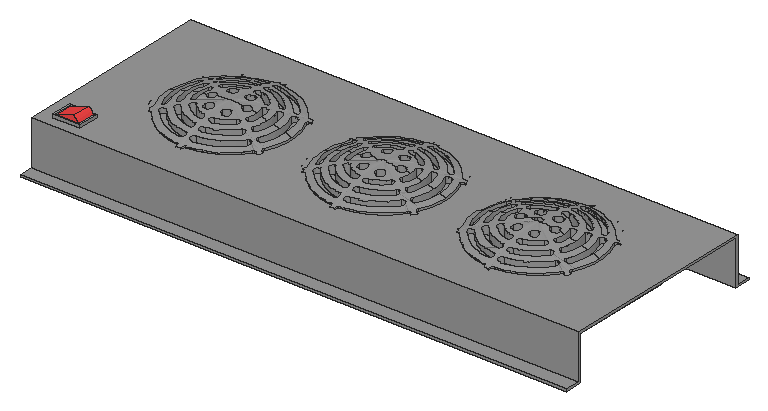
Revit family "ITK Вентиляторная панель с выключателем_31М", category Электрооборудование, Revit 2016
Family settings
  Тип детали = Другая панель
  Размер круглого соединителя = Использовать диаметр
  На основе рабочей плоскости = Нет
  Всегда вертикально = Да
  При загрузке вырезать с полостями = Нет
  Общий = Нет
  Точка расчета площади = Нет
Parameters (values of type "FM05-31M")
  Ширина = 470 mm
  Степень защиты = "IP20"
  Совместимость = "Linea N, W"
  Описание = "Панели вентиляторные ITK серии ПВ предназначены для установки и использования в настенных шкафах серии LINEA W и сетевых шкафах LINEA N для организации принудительного охлаждения и вентиляции установленного в них активного (серверы, дисковые массивы, коммутаторы, ИБП и др.) оборудования и вывода из шкафа горячего воздуха.\r\n\r\nПанели серии ПВ комплектуются выключателем со светоиндикацией, имеют два или три вентиляторных модуля и в зависимости от модели могут оснащаться биметаллическим термостатом (тип NO).\r\nДиапазон регулировки температуры термостата: от 0 до 60°С.\r\nНоминальное рабочее напряжение: 230В. Частота тока: 50Гц.\r\nМинимальный срок службы: 50 тыс. часов.\r\nПодача рабочего напряжения на вентиляторную панель осуществляется через встроенный разъем питания С14 10А/250В.\r\n\r\nВнимание! Кабель электропитания для подключения к сети в комплект поставки не входит.\r\n\r\nВентиляторные панели устанавливаются в крыше шкафа на специально предусмотренное посадочное место и не занимают полезной высоты 19-дюймовых монтажных профилей.\r\nМаксимальное количество устанавливаемых в шкаф вентиляторных панелей в зависимости от его серии и габаритов:\r\nLINEA W 600x450 мм - 1 шт.\r\nLINEA W 600x600 мм - 2 шт.\r\nLINEA N 600x600 мм - 2 шт.\r\nLINEA N 600x800 мм - 3 шт.\r\nLINEA N 600x1000 мм - 4 шт.\r\nСовместимы со всеми 19-доймовыми шкафами и стойками ITK.\r\nОбладают современным привлекательным дизайном и продуманной конструкцией.\r\nУдобны в монтаже и эксплуатации.\r\nСоответствие международным стандартам ISO9001, IEC 297, ISO/IEC 11801. \r\nСертифицированы по ГОСТ Р.\r\nВсе аксессуары идут с крепежом.\r\nВозможно исполнение в двух цветах: серый (RAL7035) и черный (RAL9005).\r\nВсегда в наличии на складе.\r\nГарантия на все аксессуары до 2-х лет."  # constant formula
  Материал = Окраска - RAL 9005
  Type Comments = ""
  Изготовитель = "ITK"  # constant formula
  Глубина = 171 mm
  Высота = 52 mm
  URL = "http://www.itk-group.ru/produktsiya/catalog/?page=detail&article=FM05-21M"
  ADSK_Ток = ADSK_Номинальная мощность / (ADSK_Коэффициент мощности * ADSK_Напряжение * sqrt(ADSK_Количество фаз числовое))  # 0.00454545 A
  ADSK_Примечание = ""
  ADSK_Полная мощность = ADSK_Номинальная мощность / ADSK_Коэффициент мощности  # 1 VA
  ADSK_Позиция [instance] = ""
  ADSK_Номинальная мощность = 1 W
  ADSK_Напряжение = 220 V
  ADSK_Наименование краткое = "FM05-31M"
  ADSK_Наименование = "ITK Вентиляторная панель с выключателем, 3 модуля, черная"
  ADSK_Масса = 0
  ADSK_Марка = "FM05-31M"
  ADSK_Коэффициент мощности = 1
  ADSK_Количество фаз числовое = 1
  ADSK_Количество фаз = 1
  ADSK_Код изделия = ""
  ADSK_Классификация нагрузок = Прочее
  ADSK_Завод-изготовитель = "IEK"  # constant formula
  ADSK_Единица измерения = "шт"  # constant formula
  ADSK_Группирование = ""
Types (2, lengths in mm): name | Материал | ADSK_Наименование краткое | ADSK_Наименование | ADSK_Марка
  FM05-31M | Окраска - RAL 9005 | "FM05-31M" | "ITK Вентиляторная панель с выключателем, 3 модуля, черная" | "FM05-31M"
  FM35-31M | Окраска - RAL 7035 | "FM35-31M" | "ITK Вентиляторная панель с выключателем, 3 модуля, серая" | "FM35-31M"
Reference planes
  plane 1 "По центру (Вперед/Назад)": y = 0
  plane 2: z = 0
  plane 3 "По центру (Влево/Вправо)": x = 0
  plane 4 "Ширина(начало)": x = -235
  plane 5: x = 235
  plane 6: z = 52
  plane 7 "Выключатель": y = -67.326
Forms (mm)
  Extrusion 1, void
    sketch origin (0, 54, 0) x (1, 0, 0) y (0, 1, 0)
      loop
        arc (-80.768, -79.079) -> (-75.25, -54.5) -> (-80.768, -29.921) r 57.5
        arc (-80.768, -29.921) -> (-84.097, -28.729) -> (-85.288, -32.058) r 2.5
        arc (-85.288, -32.058) -> (-80.25, -54.5) -> (-85.288, -76.942) r 52.5
        arc (-85.288, -76.942) -> (-84.097, -80.271) -> (-80.768, -79.079) r 2.5
      loop
        arc (-128.045, -111.807) -> (-104, -104.296) -> (-85.473, -87.228) r 57.5
        arc (-85.473, -87.228) -> (-86.105, -83.749) -> (-89.584, -84.382) r 2.5
        arc (-89.584, -84.382) -> (-106.5, -99.966) -> (-128.455, -106.824) r 52.5
        arc (-128.455, -106.824) -> (-130.742, -109.52) -> (-128.045, -111.807) r 2.5
      loop
        arc (-180.027, -87.228) -> (-161.5, -104.296) -> (-137.455, -111.807) r 57.5
        arc (-137.455, -111.807) -> (-134.758, -109.52) -> (-137.045, -106.824) r 2.5
        arc (-137.045, -106.824) -> (-159, -99.966) -> (-175.916, -84.382) r 52.5
        arc (-175.916, -84.382) -> (-179.395, -83.749) -> (-180.027, -87.228) r 2.5
      loop
        arc (-184.732, -29.921) -> (-190.25, -54.5) -> (-184.732, -79.079) r 57.5
        arc (-184.732, -79.079) -> (-181.403, -80.271) -> (-180.212, -76.942) r 2.5
        arc (-180.212, -76.942) -> (-185.25, -54.5) -> (-180.212, -32.058) r 52.5
        arc (-180.212, -32.058) -> (-181.403, -28.729) -> (-184.732, -29.921) r 2.5
      loop
        arc (-137.455, 2.807) -> (-161.5, -4.704) -> (-180.027, -21.772) r 57.5
        arc (-180.027, -21.772) -> (-179.395, -25.251) -> (-175.916, -24.618) r 2.5
        arc (-175.916, -24.618) -> (-159, -9.034) -> (-137.045, -2.176) r 52.5
        arc (-137.045, -2.176) -> (-134.758, 0.52) -> (-137.455, 2.807) r 2.5
      loop
        arc (-89.584, -24.618) -> (-86.105, -25.251) -> (-85.473, -21.772) r 2.5
        arc (-85.473, -21.772) -> (-104, -4.704) -> (-128.045, 2.807) r 57.5
        arc (-128.045, 2.807) -> (-130.742, 0.52) -> (-128.455, -2.176) r 2.5
        arc (-128.455, -2.176) -> (-106.5, -9.034) -> (-89.584, -24.618) r 52.5
      loop
        arc (-106.927, -34.766) -> (-103.423, -35.235) -> (-102.954, -31.73) r 2.5
        arc (-102.954, -31.73) -> (-114, -22.024) -> (-127.929, -17.311) r 37.5
        arc (-127.929, -17.311) -> (-130.729, -19.469) -> (-128.571, -22.27) r 2.5
        arc (-128.571, -22.27) -> (-116.5, -26.354) -> (-106.927, -34.766) r 32.5
      loop
        arc (-136.929, -22.27) -> (-134.771, -19.469) -> (-137.571, -17.311) r 2.5
        arc (-137.571, -17.311) -> (-151.5, -22.024) -> (-162.546, -31.73) r 37.5
        arc (-162.546, -31.73) -> (-162.077, -35.235) -> (-158.573, -34.766) r 2.5
        arc (-158.573, -34.766) -> (-149, -26.354) -> (-136.929, -22.27) r 32.5
      loop
        arc (-162.752, -42.004) -> (-164.098, -38.735) -> (-167.367, -40.081) r 2.5
        arc (-167.367, -40.081) -> (-170.25, -54.5) -> (-167.367, -68.919) r 37.5
        arc (-167.367, -68.919) -> (-164.098, -70.265) -> (-162.752, -66.996) r 2.5
        arc (-162.752, -66.996) -> (-165.25, -54.5) -> (-162.752, -42.004) r 32.5
      loop
        arc (-158.573, -74.234) -> (-162.077, -73.765) -> (-162.546, -77.27) r 2.5
        arc (-162.546, -77.27) -> (-151.5, -86.976) -> (-137.571, -91.689) r 37.5
        arc (-137.571, -91.689) -> (-134.771, -89.531) -> (-136.929, -86.73) r 2.5
        arc (-136.929, -86.73) -> (-149, -82.646) -> (-158.573, -74.234) r 32.5
      loop
        arc (-128.7, -76.632) -> (-130.709, -79.542) -> (-127.8, -81.551) r 2.5
        arc (-127.8, -81.551) -> (-119, -78.316) -> (-111.798, -72.312) r 27.5
        arc (-111.798, -72.312) -> (-112.084, -68.788) -> (-115.608, -69.074) r 2.5
        arc (-115.608, -69.074) -> (-121.5, -73.986) -> (-128.7, -76.632) r 22.5
      loop
        arc (-111.558, -62.059) -> (-110.043, -65.253) -> (-106.848, -63.739) r 2.5
        arc (-106.848, -63.739) -> (-105.25, -54.5) -> (-106.848, -45.261) r 27.5
        arc (-106.848, -45.261) -> (-110.043, -43.747) -> (-111.558, -46.941) r 2.5
        arc (-111.558, -46.941) -> (-110.25, -54.5) -> (-111.558, -62.059) r 22.5
      loop
        arc (-102.748, -66.996) -> (-101.402, -70.265) -> (-98.133, -68.919) r 2.5
        arc (-98.133, -68.919) -> (-95.25, -54.5) -> (-98.133, -40.081) r 37.5
        arc (-98.133, -40.081) -> (-101.402, -38.735) -> (-102.748, -42.004) r 2.5
        arc (-102.748, -42.004) -> (-100.25, -54.5) -> (-102.748, -66.996) r 32.5
      loop
        arc (-94.003, -71.963) -> (-92.751, -75.269) -> (-89.445, -74.017) r 2.5
        arc (-89.445, -74.017) -> (-85.25, -54.5) -> (-89.445, -34.983) r 47.5
        arc (-89.445, -34.983) -> (-92.751, -33.731) -> (-94.003, -37.037) r 2.5
        arc (-94.003, -37.037) -> (-90.25, -54.5) -> (-94.003, -71.963) r 42.5
      loop
        arc (-98.253, -29.676) -> (-94.764, -30.245) -> (-94.195, -26.755) r 2.5
        arc (-94.195, -26.755) -> (-109, -13.364) -> (-128, -7.238) r 47.5
        arc (-128, -7.238) -> (-130.737, -9.476) -> (-128.5, -12.213) r 2.5
        arc (-128.5, -12.213) -> (-111.5, -17.694) -> (-98.253, -29.676) r 42.5
      loop
        arc (-137, -12.213) -> (-134.763, -9.476) -> (-137.5, -7.238) r 2.5
        arc (-137.5, -7.238) -> (-156.5, -13.364) -> (-171.305, -26.755) r 47.5
        arc (-171.305, -26.755) -> (-170.736, -30.245) -> (-167.247, -29.676) r 2.5
        arc (-167.247, -29.676) -> (-154, -17.694) -> (-137, -12.213) r 42.5
      loop
        arc (-171.497, -37.037) -> (-172.749, -33.731) -> (-176.055, -34.983) r 2.5
        arc (-176.055, -34.983) -> (-180.25, -54.5) -> (-176.055, -74.017) r 47.5
        arc (-176.055, -74.017) -> (-172.749, -75.269) -> (-171.497, -71.963) r 2.5
        arc (-171.497, -71.963) -> (-175.25, -54.5) -> (-171.497, -37.037) r 42.5
      loop
        arc (-167.247, -79.324) -> (-170.736, -78.755) -> (-171.305, -82.245) r 2.5
        arc (-171.305, -82.245) -> (-156.5, -95.636) -> (-137.5, -101.762) r 47.5
        arc (-137.5, -101.762) -> (-134.763, -99.524) -> (-137, -96.787) r 2.5
        arc (-137, -96.787) -> (-154, -91.306) -> (-167.247, -79.324) r 42.5
      loop
        arc (-128, -101.762) -> (-109, -95.636) -> (-94.195, -82.245) r 47.5
        arc (-94.195, -82.245) -> (-94.764, -78.755) -> (-98.253, -79.324) r 2.5
        arc (-98.253, -79.324) -> (-111.5, -91.306) -> (-128.5, -96.787) r 42.5
        arc (-128.5, -96.787) -> (-130.737, -99.524) -> (-128, -101.762) r 2.5
      loop
        arc (-127.929, -91.689) -> (-114, -86.976) -> (-102.954, -77.27) r 37.5
        arc (-102.954, -77.27) -> (-103.423, -73.765) -> (-106.927, -74.234) r 2.5
        arc (-106.927, -74.234) -> (-116.5, -82.646) -> (-128.571, -86.73) r 32.5
        arc (-128.571, -86.73) -> (-130.729, -89.531) -> (-127.929, -91.689) r 2.5
      loop
        circle (-140.25, -67.49) r 4
      loop
        circle (-125.25, -67.49) r 4
      loop
        circle (-117.75, -54.5) r 4
      loop
        circle (-125.25, -41.51) r 4
      loop
        arc (-136.8, -32.368) -> (-134.791, -29.458) -> (-137.7, -27.449) r 2.5
        arc (-137.7, -27.449) -> (-146.5, -30.684) -> (-153.702, -36.688) r 27.5
        arc (-153.702, -36.688) -> (-153.416, -40.212) -> (-149.892, -39.926) r 2.5
        arc (-149.892, -39.926) -> (-144, -35.014) -> (-136.8, -32.368) r 22.5
      loop
        arc (-149.892, -69.074) -> (-153.416, -68.788) -> (-153.702, -72.312) r 2.5
        arc (-153.702, -72.312) -> (-146.5, -78.316) -> (-137.7, -81.551) r 27.5
        arc (-137.7, -81.551) -> (-134.791, -79.542) -> (-136.8, -76.632) r 2.5
        arc (-136.8, -76.632) -> (-144, -73.986) -> (-149.892, -69.074) r 22.5
      loop
        arc (-115.608, -39.926) -> (-112.084, -40.212) -> (-111.798, -36.688) r 2.5
        arc (-111.798, -36.688) -> (-119, -30.684) -> (-127.8, -27.449) r 27.5
        arc (-127.8, -27.449) -> (-130.709, -29.458) -> (-128.7, -32.368) r 2.5
        arc (-128.7, -32.368) -> (-121.5, -35.014) -> (-115.608, -39.926) r 22.5
      loop
        circle (-140.25, -41.51) r 4
      loop
        arc (-153.942, -46.941) -> (-155.457, -43.747) -> (-158.652, -45.261) r 2.5
        arc (-158.652, -45.261) -> (-160.25, -54.5) -> (-158.652, -63.739) r 27.5
        arc (-158.652, -63.739) -> (-155.457, -65.253) -> (-153.942, -62.059) r 2.5
        arc (-153.942, -62.059) -> (-155.25, -54.5) -> (-153.942, -46.941) r 22.5
      loop
        circle (-147.75, -54.5) r 4
      loop
        arc (84.848, -87.228) -> (103.375, -104.296) -> (127.42, -111.807) r 57.5
        arc (127.42, -111.807) -> (130.117, -109.52) -> (127.83, -106.824) r 2.5
        arc (127.83, -106.824) -> (105.875, -99.966) -> (88.959, -84.382) r 52.5
        arc (88.959, -84.382) -> (85.48, -83.749) -> (84.848, -87.228) r 2.5
      loop
        arc (136.83, -111.807) -> (160.875, -104.296) -> (179.402, -87.228) r 57.5
        arc (179.402, -87.228) -> (178.77, -83.749) -> (175.291, -84.382) r 2.5
        arc (175.291, -84.382) -> (158.375, -99.966) -> (136.42, -106.824) r 52.5
        arc (136.42, -106.824) -> (134.133, -109.52) -> (136.83, -111.807) r 2.5
      loop
        arc (184.107, -79.079) -> (189.625, -54.5) -> (184.107, -29.921) r 57.5
        arc (184.107, -29.921) -> (180.778, -28.729) -> (179.587, -32.058) r 2.5
        arc (179.587, -32.058) -> (184.625, -54.5) -> (179.587, -76.942) r 52.5
        arc (179.587, -76.942) -> (180.778, -80.271) -> (184.107, -79.079) r 2.5
      loop
        arc (179.402, -21.772) -> (160.875, -4.704) -> (136.83, 2.807) r 57.5
        arc (136.83, 2.807) -> (134.133, 0.52) -> (136.42, -2.176) r 2.5
        arc (136.42, -2.176) -> (158.375, -9.034) -> (175.291, -24.618) r 52.5
        arc (175.291, -24.618) -> (178.77, -25.251) -> (179.402, -21.772) r 2.5
      loop
        arc (127.42, 2.807) -> (103.375, -4.704) -> (84.848, -21.772) r 57.5
        arc (84.848, -21.772) -> (85.48, -25.251) -> (88.959, -24.618) r 2.5
        arc (88.959, -24.618) -> (105.875, -9.034) -> (127.83, -2.176) r 52.5
        arc (127.83, -2.176) -> (130.117, 0.52) -> (127.42, 2.807) r 2.5
      loop
        arc (80.143, -29.921) -> (74.625, -54.5) -> (80.143, -79.079) r 57.5
        arc (80.143, -79.079) -> (83.472, -80.271) -> (84.663, -76.942) r 2.5
        arc (84.663, -76.942) -> (79.625, -54.5) -> (84.663, -32.058) r 52.5
        arc (84.663, -32.058) -> (83.472, -28.729) -> (80.143, -29.921) r 2.5
      loop
        arc (93.378, -37.037) -> (92.126, -33.731) -> (88.82, -34.983) r 2.5
        arc (88.82, -34.983) -> (84.625, -54.5) -> (88.82, -74.017) r 47.5
        arc (88.82, -74.017) -> (92.126, -75.269) -> (93.378, -71.963) r 2.5
        arc (93.378, -71.963) -> (89.625, -54.5) -> (93.378, -37.037) r 42.5
      loop
        arc (102.123, -42.004) -> (100.777, -38.735) -> (97.508, -40.081) r 2.5
        arc (97.508, -40.081) -> (94.625, -54.5) -> (97.508, -68.919) r 37.5
        arc (97.508, -68.919) -> (100.777, -70.265) -> (102.123, -66.996) r 2.5
        arc (102.123, -66.996) -> (99.625, -54.5) -> (102.123, -42.004) r 32.5
      loop
        arc (110.933, -46.941) -> (109.418, -43.747) -> (106.223, -45.261) r 2.5
        arc (106.223, -45.261) -> (104.625, -54.5) -> (106.223, -63.739) r 27.5
        arc (106.223, -63.739) -> (109.418, -65.253) -> (110.933, -62.059) r 2.5
        arc (110.933, -62.059) -> (109.625, -54.5) -> (110.933, -46.941) r 22.5
      loop
        arc (114.983, -69.074) -> (111.459, -68.788) -> (111.173, -72.312) r 2.5
        arc (111.173, -72.312) -> (118.375, -78.316) -> (127.175, -81.551) r 27.5
        arc (127.175, -81.551) -> (130.084, -79.542) -> (128.075, -76.632) r 2.5
        arc (128.075, -76.632) -> (120.875, -73.986) -> (114.983, -69.074) r 22.5
      loop
        arc (106.302, -74.234) -> (102.798, -73.765) -> (102.329, -77.27) r 2.5
        arc (102.329, -77.27) -> (113.375, -86.976) -> (127.304, -91.689) r 37.5
        arc (127.304, -91.689) -> (130.104, -89.531) -> (127.946, -86.73) r 2.5
        arc (127.946, -86.73) -> (115.875, -82.646) -> (106.302, -74.234) r 32.5
      loop
        arc (97.628, -79.324) -> (94.139, -78.755) -> (93.57, -82.245) r 2.5
        arc (93.57, -82.245) -> (108.375, -95.636) -> (127.375, -101.762) r 47.5
        arc (127.375, -101.762) -> (130.112, -99.524) -> (127.875, -96.787) r 2.5
        arc (127.875, -96.787) -> (110.875, -91.306) -> (97.628, -79.324) r 42.5
      loop
        arc (136.875, -101.762) -> (155.875, -95.636) -> (170.68, -82.245) r 47.5
        arc (170.68, -82.245) -> (170.111, -78.755) -> (166.622, -79.324) r 2.5
        arc (166.622, -79.324) -> (153.375, -91.306) -> (136.375, -96.787) r 42.5
        arc (136.375, -96.787) -> (134.138, -99.524) -> (136.875, -101.762) r 2.5
      loop
        arc (136.946, -91.689) -> (150.875, -86.976) -> (161.921, -77.27) r 37.5
        arc (161.921, -77.27) -> (161.452, -73.765) -> (157.948, -74.234) r 2.5
        arc (157.948, -74.234) -> (148.375, -82.646) -> (136.304, -86.73) r 32.5
        arc (136.304, -86.73) -> (134.146, -89.531) -> (136.946, -91.689) r 2.5
      loop
        arc (137.075, -81.551) -> (145.875, -78.316) -> (153.077, -72.312) r 27.5
        arc (153.077, -72.312) -> (152.791, -68.788) -> (149.267, -69.074) r 2.5
        arc (149.267, -69.074) -> (143.375, -73.986) -> (136.175, -76.632) r 22.5
        arc (136.175, -76.632) -> (134.166, -79.542) -> (137.075, -81.551) r 2.5
      loop
        arc (128.075, -32.368) -> (130.084, -29.458) -> (127.175, -27.449) r 2.5
        arc (127.175, -27.449) -> (118.375, -30.684) -> (111.173, -36.688) r 27.5
        arc (111.173, -36.688) -> (111.459, -40.212) -> (114.983, -39.926) r 2.5
        arc (114.983, -39.926) -> (120.875, -35.014) -> (128.075, -32.368) r 22.5
      loop
        arc (127.946, -22.27) -> (130.104, -19.469) -> (127.304, -17.311) r 2.5
        arc (127.304, -17.311) -> (113.375, -22.024) -> (102.329, -31.73) r 37.5
        arc (102.329, -31.73) -> (102.798, -35.235) -> (106.302, -34.766) r 2.5
        arc (106.302, -34.766) -> (115.875, -26.354) -> (127.946, -22.27) r 32.5
      loop
        arc (127.875, -12.213) -> (130.112, -9.476) -> (127.375, -7.238) r 2.5
        arc (127.375, -7.238) -> (108.375, -13.364) -> (93.57, -26.755) r 47.5
        arc (93.57, -26.755) -> (94.139, -30.245) -> (97.628, -29.676) r 2.5
        arc (97.628, -29.676) -> (110.875, -17.694) -> (127.875, -12.213) r 42.5
      loop
        arc (166.622, -29.676) -> (170.111, -30.245) -> (170.68, -26.755) r 2.5
        arc (170.68, -26.755) -> (155.875, -13.364) -> (136.875, -7.238) r 47.5
        arc (136.875, -7.238) -> (134.138, -9.476) -> (136.375, -12.213) r 2.5
        arc (136.375, -12.213) -> (153.375, -17.694) -> (166.622, -29.676) r 42.5
      loop
        arc (157.948, -34.766) -> (161.452, -35.235) -> (161.921, -31.73) r 2.5
        arc (161.921, -31.73) -> (150.875, -22.024) -> (136.946, -17.311) r 37.5
        arc (136.946, -17.311) -> (134.146, -19.469) -> (136.304, -22.27) r 2.5
        arc (136.304, -22.27) -> (148.375, -26.354) -> (157.948, -34.766) r 32.5
      loop
        arc (149.267, -39.926) -> (152.791, -40.212) -> (153.077, -36.688) r 2.5
        arc (153.077, -36.688) -> (145.875, -30.684) -> (137.075, -27.449) r 27.5
        arc (137.075, -27.449) -> (134.166, -29.458) -> (136.175, -32.368) r 2.5
        arc (136.175, -32.368) -> (143.375, -35.014) -> (149.267, -39.926) r 22.5
      loop
        circle (117.125, -54.5) r 4
      loop
        circle (139.625, -67.49) r 4
      loop
        circle (147.125, -54.5) r 4
      loop
        circle (139.625, -41.51) r 4
      loop
        circle (124.625, -41.51) r 4
      loop
        circle (124.625, -67.49) r 4
      loop
        arc (153.317, -62.059) -> (154.832, -65.253) -> (158.027, -63.739) r 2.5
        arc (158.027, -63.739) -> (159.625, -54.5) -> (158.027, -45.261) r 27.5
        arc (158.027, -45.261) -> (154.832, -43.747) -> (153.317, -46.941) r 2.5
        arc (153.317, -46.941) -> (154.625, -54.5) -> (153.317, -62.059) r 22.5
      loop
        arc (166.742, -68.919) -> (169.625, -54.5) -> (166.742, -40.081) r 37.5
        arc (166.742, -40.081) -> (163.473, -38.735) -> (162.127, -42.004) r 2.5
        arc (162.127, -42.004) -> (164.625, -54.5) -> (162.127, -66.996) r 32.5
        arc (162.127, -66.996) -> (163.473, -70.265) -> (166.742, -68.919) r 2.5
      loop
        arc (175.43, -74.017) -> (179.625, -54.5) -> (175.43, -34.983) r 47.5
        arc (175.43, -34.983) -> (172.124, -33.731) -> (170.872, -37.037) r 2.5
        arc (170.872, -37.037) -> (174.625, -54.5) -> (170.872, -71.963) r 42.5
        arc (170.872, -71.963) -> (172.124, -75.269) -> (175.43, -74.017) r 2.5
    from 38.165 to 87.544
  Revolve 2, solid, material "Окраска - RAL 9005" <- "Материал", detail levels fine
    sketch origin (-2000, 0, 1199.062) x (-1, 0, 0) y (0, 0, 1)
      loop
        arc (-1867.476, -1146.728) -> (-1898.028, -1150.848) -> (-1927.292, -1160.544) r 166.079
        line (-1927.292, -1160.544) -> (-1867.476, -1160.544) -> (-1867.476, -1146.728)
      axis (-1867.476, -1160.544) -> (-1867.476, -1146.728)
    angle from 0 to 360
  Extrusion 3, solid, material "Окраска - RAL 9005" <- "Материал", detail levels fine
    sketch origin (0, 0, 0) x (1, 0, 0) y (0, 1, 0)
      loop
        line (-72.499, -38.81) -> (-72.499, 55.999)
        arc (-72.499, 55.999) -> (-73.672, 58.829) -> (-76.503, 60) r 4.001
        line (-76.503, 60) -> (-188.499, 60)
        arc (-188.499, 60) -> (-191.329, 58.826) -> (-192.499, 55.994) r 4
        line (-192.499, 55.994) -> (-192.499, -56.002)
        arc (-192.499, -56.002) -> (-191.329, -58.828) -> (-188.503, -60.001) r 3.999
        line (-188.503, -60.001) -> (-76.499, -60.001)
        arc (-76.499, -60.001) -> (-73.671, -58.83) -> (-72.499, -56.004) r 4
        line (-72.499, -56.004) -> (-72.499, -38.81)
      loop
        arc (188.486, -60) -> (191.315, -58.828) -> (192.486, -56) r 4
        line (192.486, -56) -> (192.486, 56.039)
        arc (192.486, 56.039) -> (191.321, 58.851) -> (188.509, 60.016) r 3.978
        line (188.509, 60.016) -> (76.474, 60.016)
        arc (76.474, 60.016) -> (73.662, 58.851) -> (72.497, 56.039) r 3.978
        line (72.497, 56.039) -> (72.497, -56)
        arc (72.497, -56) -> (73.668, -58.828) -> (76.497, -60) r 4
        line (76.497, -60) -> (188.486, -60)
    from 0 to 38.165
  Revolve 4, solid, material "Окраска - RAL 9005" <- "Материал", detail levels fine
    sketch origin (2000, 0, 1199.062) x (1, 0, 0) y (0, 0, 1)
      loop
        arc (-1867.476, -1147.112) -> (-1898.155, -1151.08) -> (-1927.567, -1160.662) r 166.279
        line (-1927.567, -1160.662) -> (-1867.476, -1160.662) -> (-1867.476, -1147.112)
      axis (-1867.476, -1160.662) -> (-1867.476, -1147.112)
    angle from 0 to 360
  Sweep 5, solid, material "Окраска - RAL 9005" <- "Материал", detail levels fine
    path origin (0, 0, 0) x (1, 0, 0) y (0, 1, 0)
      loop
        line (-235, -120.5) -> (235, -120.5)
    profile origin (0, -120.5, 0) x (0, 1, 0) y (0, 0, 1)
      loop
        line (217.608, 0) -> (217.608, 1.884) -> (206, 1.884) -> (206, 40.4) -> (34.953, 40.4) -> (34.953, 1.884) -> (22.608, 1.884) -> (22.608, 0) -> (36.953, 0) -> (36.953, 38.4) -> (204, 38.4) -> (204, 0) -> (217.608, 0)
  Extrusion 6, solid, material "Остекление(красный)", detail levels fine
    sketch origin (-3.102, 0, 0) x (1, 0, 0) y (0, 0, 1)
      loop
        line (-219.229, 40.4) -> (-199.229, 40.4)
        arc (-199.229, 40.4) -> (-200.746, 44.482) -> (-203.523, 47.837) r 13.032
        line (-203.523, 47.837) -> (-219.229, 43.035) -> (-219.229, 40.4)
    from 60.001 to 75.329
  Sweep 7, solid, material "Окраска - RAL 9005" <- "Материал", detail levels fine
    path origin (0, 0, 0) x (0, 1, 0) y (0, 0, 1)
      loop
        line (-75.329, 40.4) -> (-75.329, 43.035)
    profile origin (0, -75.329, 41.717) x (0, -1, 0) y (1, 0, 0)
      loop
        line (0, -222.331) -> (0, -202.331) -> (-15.328, -202.331) -> (-15.328, -222.331) -> (0, -222.331)
      loop
        line (-16.43, -223.965) -> (1.341, -223.965) -> (1.341, -200.657) -> (-16.43, -200.657) -> (-16.43, -223.965)
  Extrusion 8, solid, material "Окраска - RAL 9005" <- "Материал", detail levels fine
    sketch origin (130, 0, 0) x (1, 0, 0) y (0, 1, 0)
      loop
        line (-72.499, -38.81) -> (-72.499, 55.999)
        arc (-72.499, 55.999) -> (-73.672, 58.829) -> (-76.503, 60) r 4.001
        line (-76.503, 60) -> (-188.499, 60)
        arc (-188.499, 60) -> (-191.329, 58.826) -> (-192.499, 55.994) r 4
        line (-192.499, 55.994) -> (-192.499, -56.002)
        arc (-192.499, -56.002) -> (-191.329, -58.828) -> (-188.503, -60.001) r 3.999
        line (-188.503, -60.001) -> (-76.499, -60.001)
        arc (-76.499, -60.001) -> (-73.671, -58.83) -> (-72.499, -56.004) r 4
        line (-72.499, -56.004) -> (-72.499, -38.81)
    from 0 to 38.165
  Extrusion 9, void
    sketch origin (132.529, 54, 0) x (1, 0, 0) y (0, 1, 0)
      loop
        arc (-80.768, -79.079) -> (-75.25, -54.5) -> (-80.768, -29.921) r 57.5
        arc (-80.768, -29.921) -> (-84.097, -28.729) -> (-85.288, -32.058) r 2.5
        arc (-85.288, -32.058) -> (-80.25, -54.5) -> (-85.288, -76.942) r 52.5
        arc (-85.288, -76.942) -> (-84.097, -80.271) -> (-80.768, -79.079) r 2.5
      loop
        arc (-128.045, -111.807) -> (-104, -104.296) -> (-85.473, -87.228) r 57.5
        arc (-85.473, -87.228) -> (-86.105, -83.749) -> (-89.584, -84.382) r 2.5
        arc (-89.584, -84.382) -> (-106.5, -99.966) -> (-128.455, -106.824) r 52.5
        arc (-128.455, -106.824) -> (-130.742, -109.52) -> (-128.045, -111.807) r 2.5
      loop
        arc (-180.027, -87.228) -> (-161.5, -104.296) -> (-137.455, -111.807) r 57.5
        arc (-137.455, -111.807) -> (-134.758, -109.52) -> (-137.045, -106.824) r 2.5
        arc (-137.045, -106.824) -> (-159, -99.966) -> (-175.916, -84.382) r 52.5
        arc (-175.916, -84.382) -> (-179.395, -83.749) -> (-180.027, -87.228) r 2.5
      loop
        arc (-184.732, -29.921) -> (-190.25, -54.5) -> (-184.732, -79.079) r 57.5
        arc (-184.732, -79.079) -> (-181.403, -80.271) -> (-180.212, -76.942) r 2.5
        arc (-180.212, -76.942) -> (-185.25, -54.5) -> (-180.212, -32.058) r 52.5
        arc (-180.212, -32.058) -> (-181.403, -28.729) -> (-184.732, -29.921) r 2.5
      loop
        arc (-137.455, 2.807) -> (-161.5, -4.704) -> (-180.027, -21.772) r 57.5
        arc (-180.027, -21.772) -> (-179.395, -25.251) -> (-175.916, -24.618) r 2.5
        arc (-175.916, -24.618) -> (-159, -9.034) -> (-137.045, -2.176) r 52.5
        arc (-137.045, -2.176) -> (-134.758, 0.52) -> (-137.455, 2.807) r 2.5
      loop
        arc (-89.584, -24.618) -> (-86.105, -25.251) -> (-85.473, -21.772) r 2.5
        arc (-85.473, -21.772) -> (-104, -4.704) -> (-128.045, 2.807) r 57.5
        arc (-128.045, 2.807) -> (-130.742, 0.52) -> (-128.455, -2.176) r 2.5
        arc (-128.455, -2.176) -> (-106.5, -9.034) -> (-89.584, -24.618) r 52.5
      loop
        arc (-106.927, -34.766) -> (-103.423, -35.235) -> (-102.954, -31.73) r 2.5
        arc (-102.954, -31.73) -> (-114, -22.024) -> (-127.929, -17.311) r 37.5
        arc (-127.929, -17.311) -> (-130.729, -19.469) -> (-128.571, -22.27) r 2.5
        arc (-128.571, -22.27) -> (-116.5, -26.354) -> (-106.927, -34.766) r 32.5
      loop
        arc (-136.929, -22.27) -> (-134.771, -19.469) -> (-137.571, -17.311) r 2.5
        arc (-137.571, -17.311) -> (-151.5, -22.024) -> (-162.546, -31.73) r 37.5
        arc (-162.546, -31.73) -> (-162.077, -35.235) -> (-158.573, -34.766) r 2.5
        arc (-158.573, -34.766) -> (-149, -26.354) -> (-136.929, -22.27) r 32.5
      loop
        arc (-162.752, -42.004) -> (-164.098, -38.735) -> (-167.367, -40.081) r 2.5
        arc (-167.367, -40.081) -> (-170.25, -54.5) -> (-167.367, -68.919) r 37.5
        arc (-167.367, -68.919) -> (-164.098, -70.265) -> (-162.752, -66.996) r 2.5
        arc (-162.752, -66.996) -> (-165.25, -54.5) -> (-162.752, -42.004) r 32.5
      loop
        arc (-158.573, -74.234) -> (-162.077, -73.765) -> (-162.546, -77.27) r 2.5
        arc (-162.546, -77.27) -> (-151.5, -86.976) -> (-137.571, -91.689) r 37.5
        arc (-137.571, -91.689) -> (-134.771, -89.531) -> (-136.929, -86.73) r 2.5
        arc (-136.929, -86.73) -> (-149, -82.646) -> (-158.573, -74.234) r 32.5
      loop
        arc (-128.7, -76.632) -> (-130.709, -79.542) -> (-127.8, -81.551) r 2.5
        arc (-127.8, -81.551) -> (-119, -78.316) -> (-111.798, -72.312) r 27.5
        arc (-111.798, -72.312) -> (-112.084, -68.788) -> (-115.608, -69.074) r 2.5
        arc (-115.608, -69.074) -> (-121.5, -73.986) -> (-128.7, -76.632) r 22.5
      loop
        arc (-111.558, -62.059) -> (-110.043, -65.253) -> (-106.848, -63.739) r 2.5
        arc (-106.848, -63.739) -> (-105.25, -54.5) -> (-106.848, -45.261) r 27.5
        arc (-106.848, -45.261) -> (-110.043, -43.747) -> (-111.558, -46.941) r 2.5
        arc (-111.558, -46.941) -> (-110.25, -54.5) -> (-111.558, -62.059) r 22.5
      loop
        arc (-102.748, -66.996) -> (-101.402, -70.265) -> (-98.133, -68.919) r 2.5
        arc (-98.133, -68.919) -> (-95.25, -54.5) -> (-98.133, -40.081) r 37.5
        arc (-98.133, -40.081) -> (-101.402, -38.735) -> (-102.748, -42.004) r 2.5
        arc (-102.748, -42.004) -> (-100.25, -54.5) -> (-102.748, -66.996) r 32.5
      loop
        arc (-94.003, -71.963) -> (-92.751, -75.269) -> (-89.445, -74.017) r 2.5
        arc (-89.445, -74.017) -> (-85.25, -54.5) -> (-89.445, -34.983) r 47.5
        arc (-89.445, -34.983) -> (-92.751, -33.731) -> (-94.003, -37.037) r 2.5
        arc (-94.003, -37.037) -> (-90.25, -54.5) -> (-94.003, -71.963) r 42.5
      loop
        arc (-98.253, -29.676) -> (-94.764, -30.245) -> (-94.195, -26.755) r 2.5
        arc (-94.195, -26.755) -> (-109, -13.364) -> (-128, -7.238) r 47.5
        arc (-128, -7.238) -> (-130.737, -9.476) -> (-128.5, -12.213) r 2.5
        arc (-128.5, -12.213) -> (-111.5, -17.694) -> (-98.253, -29.676) r 42.5
      loop
        arc (-137, -12.213) -> (-134.763, -9.476) -> (-137.5, -7.238) r 2.5
        arc (-137.5, -7.238) -> (-156.5, -13.364) -> (-171.305, -26.755) r 47.5
        arc (-171.305, -26.755) -> (-170.736, -30.245) -> (-167.247, -29.676) r 2.5
        arc (-167.247, -29.676) -> (-154, -17.694) -> (-137, -12.213) r 42.5
      loop
        arc (-171.497, -37.037) -> (-172.749, -33.731) -> (-176.055, -34.983) r 2.5
        arc (-176.055, -34.983) -> (-180.25, -54.5) -> (-176.055, -74.017) r 47.5
        arc (-176.055, -74.017) -> (-172.749, -75.269) -> (-171.497, -71.963) r 2.5
        arc (-171.497, -71.963) -> (-175.25, -54.5) -> (-171.497, -37.037) r 42.5
      loop
        arc (-167.247, -79.324) -> (-170.736, -78.755) -> (-171.305, -82.245) r 2.5
        arc (-171.305, -82.245) -> (-156.5, -95.636) -> (-137.5, -101.762) r 47.5
        arc (-137.5, -101.762) -> (-134.763, -99.524) -> (-137, -96.787) r 2.5
        arc (-137, -96.787) -> (-154, -91.306) -> (-167.247, -79.324) r 42.5
      loop
        arc (-128, -101.762) -> (-109, -95.636) -> (-94.195, -82.245) r 47.5
        arc (-94.195, -82.245) -> (-94.764, -78.755) -> (-98.253, -79.324) r 2.5
        arc (-98.253, -79.324) -> (-111.5, -91.306) -> (-128.5, -96.787) r 42.5
        arc (-128.5, -96.787) -> (-130.737, -99.524) -> (-128, -101.762) r 2.5
      loop
        arc (-127.929, -91.689) -> (-114, -86.976) -> (-102.954, -77.27) r 37.5
        arc (-102.954, -77.27) -> (-103.423, -73.765) -> (-106.927, -74.234) r 2.5
        arc (-106.927, -74.234) -> (-116.5, -82.646) -> (-128.571, -86.73) r 32.5
        arc (-128.571, -86.73) -> (-130.729, -89.531) -> (-127.929, -91.689) r 2.5
      loop
        circle (-140.25, -67.49) r 4
      loop
        circle (-125.25, -67.49) r 4
      loop
        circle (-117.75, -54.5) r 4
      loop
        circle (-125.25, -41.51) r 4
      loop
        arc (-136.8, -32.368) -> (-134.791, -29.458) -> (-137.7, -27.449) r 2.5
        arc (-137.7, -27.449) -> (-146.5, -30.684) -> (-153.702, -36.688) r 27.5
        arc (-153.702, -36.688) -> (-153.416, -40.212) -> (-149.892, -39.926) r 2.5
        arc (-149.892, -39.926) -> (-144, -35.014) -> (-136.8, -32.368) r 22.5
      loop
        arc (-149.892, -69.074) -> (-153.416, -68.788) -> (-153.702, -72.312) r 2.5
        arc (-153.702, -72.312) -> (-146.5, -78.316) -> (-137.7, -81.551) r 27.5
        arc (-137.7, -81.551) -> (-134.791, -79.542) -> (-136.8, -76.632) r 2.5
        arc (-136.8, -76.632) -> (-144, -73.986) -> (-149.892, -69.074) r 22.5
      loop
        arc (-115.608, -39.926) -> (-112.084, -40.212) -> (-111.798, -36.688) r 2.5
        arc (-111.798, -36.688) -> (-119, -30.684) -> (-127.8, -27.449) r 27.5
        arc (-127.8, -27.449) -> (-130.709, -29.458) -> (-128.7, -32.368) r 2.5
        arc (-128.7, -32.368) -> (-121.5, -35.014) -> (-115.608, -39.926) r 22.5
      loop
        circle (-140.25, -41.51) r 4
      loop
        arc (-153.942, -46.941) -> (-155.457, -43.747) -> (-158.652, -45.261) r 2.5
        arc (-158.652, -45.261) -> (-160.25, -54.5) -> (-158.652, -63.739) r 27.5
        arc (-158.652, -63.739) -> (-155.457, -65.253) -> (-153.942, -62.059) r 2.5
        arc (-153.942, -62.059) -> (-155.25, -54.5) -> (-153.942, -46.941) r 22.5
      loop
        circle (-147.75, -54.5) r 4
    from 38.165 to 87.544
  Revolve 10, solid, material "Окраска - RAL 9005" <- "Материал", detail levels fine
    sketch origin (-1867.471, 0, 1199.062) x (-1, 0, 0) y (0, 0, 1)
      loop
        arc (-1867.476, -1146.728) -> (-1898.028, -1150.848) -> (-1927.292, -1160.544) r 166.079
        line (-1927.292, -1160.544) -> (-1867.476, -1160.544) -> (-1867.476, -1146.728)
      axis (-1867.476, -1160.544) -> (-1867.476, -1146.728)
    angle from 0 to 360
Cuts and joins
  Extrusion 1, Extrusion 9 cuts Revolve 2
  Extrusion 1, Extrusion 9 cuts Revolve 4
  joined: Revolve 2, Revolve 4
  Extrusion 9 cuts Extrusion 3
  Extrusion 9 cuts Revolve 10
Dimensions and locks
  equal spacing: plane 4 "Ширина(начало)", plane 3 "По центру (Влево/Вправо)", plane 5
  "Ширина": plane 4 "Ширина(начало)" to plane 5
  "Высота": plane 6 to level
  aligned and locked: level to plane 2
  aligned and locked: Sweep 7 sketch curve to Extrusion 6  (x4)
Automatic sketch dimensions
  Extrusion 1 sketch curve to Extrusion 1 sketch curve = 0 mm  (x4680)
  Extrusion 1 sketch curve to plane 1 "По центру (Вперед/Назад)" = 23.011 mm  (x2)
  plane 4 "Ширина(начало)" to Extrusion 1 sketch curve = 52.528 mm
  Extrusion 1 sketch curve to Extrusion 1 sketch curve = 4.5 mm  (x32)
  Extrusion 1 sketch curve to Extrusion 1 sketch curve = 8.696 mm  (x8)
  Extrusion 1 sketch curve to Extrusion 1 sketch curve = 8.716 mm  (x8)
  Extrusion 1 sketch curve to Extrusion 1 sketch curve = 8.762 mm  (x8)
  plane 1 "По центру (Вперед/Назад)" to Extrusion 1 sketch curve = 0.5 mm  (x6)
  Extrusion 1 sketch curve to Extrusion 1 sketch curve = 8.547 mm  (x2)
  Extrusion 1 sketch curve to Extrusion 1 sketch curve = 11.547 mm  (x8)
  Extrusion 1 sketch curve to Extrusion 1 sketch curve = 3 mm  (x8)
  Extrusion 1 sketch curve to Extrusion 1 sketch curve = 7.5 mm  (x4)
  Extrusion 1 sketch curve to Extrusion 1 sketch curve = 9 mm  (x16)
  plane 3 "По центру (Влево/Вправо)" to Extrusion 1 sketch curve = 82.403 mm
  plane 1 "По центру (Вперед/Назад)" to Extrusion 1 sketch curve = 8.899 mm  (x4)
  plane 1 "По центру (Вперед/Назад)" to Extrusion 1 sketch curve = 13.49 mm  (x4)
  Extrusion 1 sketch curve to Extrusion 1 sketch curve = 5.059 mm  (x8)
  Extrusion 1 sketch curve to Extrusion 1 sketch curve = 7.794 mm  (x32)
  Extrusion 1 sketch curve to Extrusion 1 sketch curve = 5.032 mm  (x6)
  Extrusion 1 sketch curve to Extrusion 1 sketch curve = 5.021 mm  (x8)
  Extrusion 1 sketch curve to Extrusion 1 sketch curve = 11.601 mm  (x4)
  Extrusion 1 sketch curve to Extrusion 1 sketch curve = 10.118 mm  (x4)
  Extrusion 1 sketch curve to Extrusion 1 sketch curve = 10.065 mm  (x4)
  Extrusion 1 sketch curve to Extrusion 1 sketch curve = 10.041 mm  (x4)
  Extrusion 1 sketch curve to plane 1 "По центру (Вперед/Назад)" = 7.899 mm  (x4)
  Extrusion 1 sketch curve to plane 1 "По центру (Вперед/Назад)" = 12.49 mm  (x4)
  Extrusion 1 sketch curve to Extrusion 1 sketch curve = 2.26 mm  (x8)
  Extrusion 1 sketch curve to Extrusion 1 sketch curve = 2.056 mm  (x4)
  Extrusion 1 sketch curve to Extrusion 1 sketch curve = 2.279 mm  (x5)
  Extrusion 1 sketch curve to Extrusion 1 sketch curve = 2.029 mm  (x4)
  Extrusion 1 sketch curve to Extrusion 1 sketch curve = 2.308 mm  (x4)
  Extrusion 1 sketch curve to Extrusion 1 sketch curve = 1.986 mm  (x4)
  Extrusion 1 sketch curve to Extrusion 1 sketch curve = 2.355 mm  (x5)
  Extrusion 1 sketch curve to Extrusion 1 sketch curve = 1.905 mm  (x4)
  Extrusion 1 sketch curve to Extrusion 1 sketch curve = 0.45 mm  (x4)
  Extrusion 1 sketch curve to Extrusion 1 sketch curve = 0.321 mm  (x4)
  Extrusion 1 sketch curve to Extrusion 1 sketch curve = 0.25 mm  (x4)
  Extrusion 1 sketch curve to Extrusion 1 sketch curve = 0.205 mm  (x4)
  plane 6 to Revolve 2 sketch curve = 13.481 mm
  plane 3 "По центру (Влево/Вправо)" to Revolve 2 sketch curve = 72.708 mm
  Revolve 2 sketch curve to Revolve 2 sketch curve = 59.817 mm
  Revolve 2 sketch curve to plane 4 "Ширина(начало)" = 95.652 mm
  level to Revolve 2 sketch curve = 113.604 mm
  Revolve 2 sketch curve to Revolve 2 sketch curve = 0 mm
  Revolve 2 sketch curve to Revolve 2 sketch curve = 0.944 mm
  plane 6 to Revolve 2 sketch curve = 1.237 mm
  plane 7 "Выключатель" to Extrusion 3 sketch curve = 11.323 mm
  plane 4 "Ширина(начало)" to Extrusion 3 sketch curve = 42.501 mm
  Extrusion 3 sketch curve to Extrusion 3 sketch curve = 3.995 mm
  Extrusion 3 sketch curve to Extrusion 3 sketch curve = 3.999 mm
  Extrusion 3 sketch curve to Extrusion 3 sketch curve = 4 mm  (x4)
  Extrusion 3 sketch curve to plane 3 "По центру (Влево/Вправо)" = 76.503 mm
  Extrusion 3 sketch curve to Extrusion 3 sketch curve = 0.003 mm
  Extrusion 3 sketch curve to plane 3 "По центру (Влево/Вправо)" = 76.499 mm
  Extrusion 3 sketch curve to Extrusion 3 sketch curve = 4.001 mm
  plane 7 "Выключатель" to Extrusion 3 sketch curve = 11.326 mm
  plane 3 "По центру (Влево/Вправо)" to Extrusion 3 sketch curve = 72.497 mm
  Extrusion 3 sketch curve to Extrusion 3 sketch curve = 3.978 mm
  plane 5 to Extrusion 3 sketch curve = 46.514 mm
  plane 5 to Extrusion 3 sketch curve = 46.491 mm
  Extrusion 3 sketch curve to Extrusion 3 sketch curve = 3.997 mm
  Extrusion 3 sketch curve to plane 1 "По центру (Вперед/Назад)" = 55.994 mm
  Extrusion 3 sketch curve to plane 1 "По центру (Вперед/Назад)" = 55.999 mm
  Extrusion 3 sketch curve to plane 1 "По центру (Вперед/Назад)" = 56.039 mm
  Extrusion 3 sketch curve to Extrusion 3 sketch curve = 17.194 mm
  Extrusion 3 sketch curve to Extrusion 3 sketch curve = 0 mm
  Revolve 4 sketch curve to plane 6 = 13.6 mm
  plane 3 "По центру (Влево/Вправо)" to Revolve 4 sketch curve = 72.433 mm
  Revolve 4 sketch curve to Revolve 4 sketch curve = 60.092 mm
  plane 5 to Revolve 4 sketch curve = 96.578 mm
  Revolve 4 sketch curve to level = 114.224 mm
  Revolve 4 sketch curve to Revolve 4 sketch curve = 0 mm
  Revolve 4 sketch curve to Revolve 4 sketch curve = 1.062 mm
  Revolve 4 sketch curve to Revolve 4 sketch curve = 1.188 mm
  Sweep 5 sketch curve to plane 4 "Ширина(начало)" = 0 mm
  Sweep 5 sketch curve to plane 5 = 0 mm
  Sweep 5 sketch curve to plane 7 "Выключатель" = 53.174 mm
  Sweep 5 sketch curve to level = 0 mm  (x2)
  level to Sweep 5 sketch curve = 1.884 mm  (x2)
  Sweep 5 sketch curve to profile plane = 22.608 mm
  Sweep 5 sketch curve to profile plane = 34.953 mm
  Sweep 5 sketch curve to Sweep 5 sketch curve = 2 mm  (x3)
  Sweep 5 sketch curve to Sweep 5 sketch curve = 167.047 mm
  Sweep 5 sketch curve to Sweep 5 sketch curve = 11.608 mm
  Sweep 5 sketch curve to Sweep 5 sketch curve = 36.516 mm
  plane 4 "Ширина(начало)" to Extrusion 6 sketch curve = 12.669 mm
  Extrusion 6 sketch curve to Extrusion 6 sketch curve = 7.197 mm
  Extrusion 6 sketch curve to plane 6 = 4.163 mm
  Extrusion 6 sketch curve to Extrusion 6 sketch curve = 8.509 mm
  Extrusion 6 sketch curve to Extrusion 6 sketch curve = 4.294 mm
  Extrusion 6 sketch curve to plane 6 = 8.965 mm
  Extrusion 6 sketch curve to Extrusion 6 sketch curve = 2.635 mm
  Sweep 7 sketch curve to plane 7 "Выключатель" = 8.003 mm
  Sweep 7 sketch curve to plane 6 = 11.6 mm
  Sweep 7 sketch curve to Sweep 7 sketch curve = 2.635 mm
  Sweep 7 sketch curve to Sweep 7 sketch curve = 1.102 mm
  Sweep 7 sketch curve to profile plane = 1.341 mm
  Sweep 7 sketch curve to Sweep 7 sketch curve = 1.634 mm
  Sweep 7 sketch curve to Sweep 7 sketch curve = 1.674 mm
  Extrusion 8 sketch curve to plane 3 "По центру (Влево/Вправо)" = 62.499 mm
  Extrusion 8 sketch curve to Extrusion 8 sketch curve = 3.995 mm
  Extrusion 8 sketch curve to Extrusion 8 sketch curve = 3.999 mm
  Extrusion 8 sketch curve to Extrusion 8 sketch curve = 4 mm  (x2)
  plane 3 "По центру (Влево/Вправо)" to Extrusion 8 sketch curve = 53.497 mm
  Extrusion 8 sketch curve to Extrusion 8 sketch curve = 0.003 mm
  plane 7 "Выключатель" to Extrusion 8 sketch curve = 7.325 mm
  plane 3 "По центру (Влево/Вправо)" to Extrusion 8 sketch curve = 53.501 mm
  Extrusion 8 sketch curve to Extrusion 8 sketch curve = 4.001 mm
  Extrusion 8 sketch curve to Extrusion 8 sketch curve = 3.997 mm
  Extrusion 8 sketch curve to plane 1 "По центру (Вперед/Назад)" = 55.994 mm
  Extrusion 8 sketch curve to plane 1 "По центру (Вперед/Назад)" = 55.999 mm
  Extrusion 8 sketch curve to Extrusion 8 sketch curve = 17.194 mm
  Extrusion 8 sketch curve to Extrusion 8 sketch curve = 0 mm
  Extrusion 9 sketch curve to Extrusion 9 sketch curve = 0 mm  (x173)
  Extrusion 9 sketch curve to plane 1 "По центру (Вперед/Назад)" = 23.011 mm
  Extrusion 9 sketch curve to plane 3 "По центру (Влево/Вправо)" = 49.943 mm
  Extrusion 9 sketch curve to Extrusion 9 sketch curve = 4.5 mm  (x16)
  Extrusion 9 sketch curve to Extrusion 9 sketch curve = 8.696 mm  (x4)
  Extrusion 9 sketch curve to Extrusion 9 sketch curve = 8.716 mm  (x4)
  Extrusion 9 sketch curve to Extrusion 9 sketch curve = 8.762 mm  (x4)
  plane 1 "По центру (Вперед/Назад)" to Extrusion 9 sketch curve = 0.5 mm  (x3)
  Extrusion 9 sketch curve to Extrusion 9 sketch curve = 8.547 mm
  Extrusion 9 sketch curve to plane 3 "По центру (Влево/Вправо)" = 7.721 mm  (x2)
  Extrusion 9 sketch curve to plane 3 "По центру (Влево/Вправо)" = 4.721 mm  (x8)
  Extrusion 9 sketch curve to plane 3 "По центру (Влево/Вправо)" = 0.221 mm
  plane 3 "По центру (Влево/Вправо)" to Extrusion 9 sketch curve = 4.279 mm  (x8)
  plane 3 "По центру (Влево/Вправо)" to Extrusion 9 sketch curve = 7.279 mm  (x2)
  plane 3 "По центру (Влево/Вправо)" to Extrusion 9 sketch curve = 14.779 mm
  Extrusion 9 sketch curve to Extrusion 9 sketch curve = 11.547 mm  (x2)
  plane 1 "По центру (Вперед/Назад)" to Extrusion 9 sketch curve = 8.899 mm  (x2)
  plane 1 "По центру (Вперед/Назад)" to Extrusion 9 sketch curve = 13.49 mm  (x2)
  Extrusion 9 sketch curve to Extrusion 9 sketch curve = 5.059 mm  (x4)
  Extrusion 9 sketch curve to Extrusion 9 sketch curve = 7.794 mm  (x16)
  Extrusion 9 sketch curve to Extrusion 9 sketch curve = 5.032 mm  (x3)
  Extrusion 9 sketch curve to Extrusion 9 sketch curve = 5.021 mm  (x4)
  Extrusion 9 sketch curve to Extrusion 9 sketch curve = 11.601 mm  (x2)
  Extrusion 9 sketch curve to Extrusion 9 sketch curve = 10.118 mm  (x2)
  Extrusion 9 sketch curve to Extrusion 9 sketch curve = 10.065 mm  (x2)
  Extrusion 9 sketch curve to Extrusion 9 sketch curve = 10.041 mm  (x2)
  Extrusion 9 sketch curve to plane 1 "По центру (Вперед/Назад)" = 7.899 mm  (x2)
  Extrusion 9 sketch curve to plane 1 "По центру (Вперед/Назад)" = 12.49 mm  (x2)
  Extrusion 9 sketch curve to Extrusion 9 sketch curve = 2.26 mm  (x4)
  Extrusion 9 sketch curve to Extrusion 9 sketch curve = 2.056 mm  (x2)
  Extrusion 9 sketch curve to Extrusion 9 sketch curve = 2.279 mm  (x2)
  Extrusion 9 sketch curve to Extrusion 9 sketch curve = 2.029 mm  (x2)
  Extrusion 9 sketch curve to Extrusion 9 sketch curve = 2.308 mm  (x2)
  Extrusion 9 sketch curve to Extrusion 9 sketch curve = 1.986 mm  (x2)
  Extrusion 9 sketch curve to Extrusion 9 sketch curve = 2.355 mm  (x2)
  Extrusion 9 sketch curve to Extrusion 9 sketch curve = 1.905 mm  (x2)
  Extrusion 9 sketch curve to Extrusion 9 sketch curve = 0.45 mm  (x2)
  Extrusion 9 sketch curve to Extrusion 9 sketch curve = 0.321 mm  (x2)
  Extrusion 9 sketch curve to Extrusion 9 sketch curve = 0.25 mm  (x2)
  Extrusion 9 sketch curve to Extrusion 9 sketch curve = 0.205 mm  (x2)
  plane 6 to Revolve 10 sketch curve = 13.481 mm
  Revolve 10 sketch curve to plane 3 "По центру (Влево/Вправо)" = 59.821 mm
  Revolve 10 sketch curve to plane 3 "По центру (Влево/Вправо)" = 0.005 mm  (x2)
  plane 3 "По центру (Влево/Вправо)" to Revolve 10 sketch curve = 6.82 mm
  level to Revolve 10 sketch curve = 113.604 mm
  Revolve 10 sketch curve to Revolve 10 sketch curve = 0.944 mm
  plane 6 to Revolve 10 sketch curve = 1.237 mm
  radius of Extrusion 1 sketch curve = 4 mm  (x12)
  radius of Extrusion 9 sketch curve = 4 mm  (x6)
Connectors
  electrical at (0, 85.5, 34.4), driven by "ADSK_Количество фаз", driven by "ADSK_Классификация нагрузок", driven by "ADSK_Напряжение", driven by "ADSK_Полная мощность", driven by "ADSK_Коэффициент мощности"
    settings: on cut or joined group of Extrusion 1, Revolve 2, Revolve 4, Extrusion 9, index 1, voltage 220 V, apparent load 0 VA, apparent load phase1 1 VA, apparent load phase2 0 VA, apparent load phase3 0 VA, power factor 1, load classification "Прочее", number of poles 1, system type 31, power factor state 1, is connector primary yes, connector utility no, sub classification motor no, connector description ""
